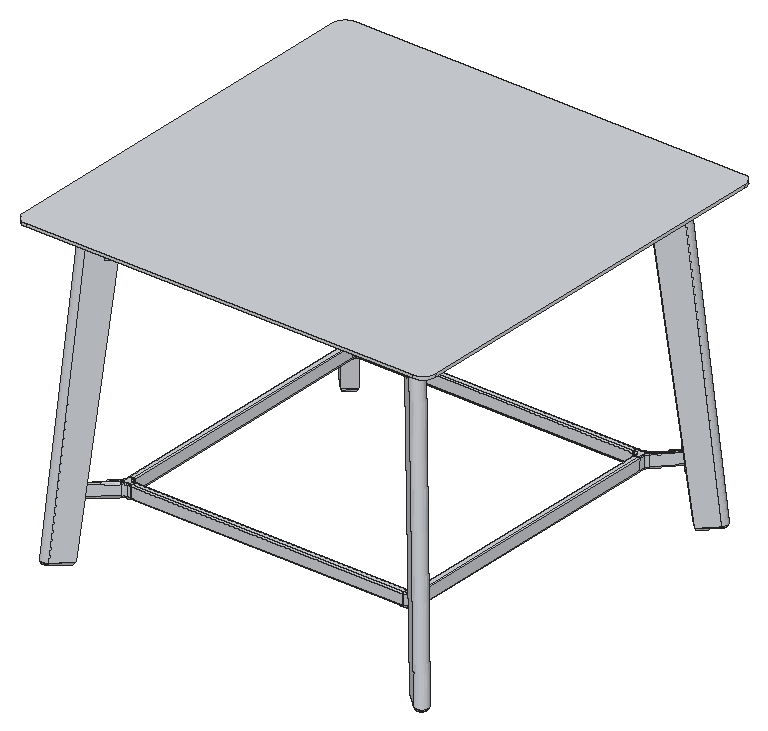
Revit family "_Keilhauer_Aula_Table", category Furniture, Revit 2014
Parameters
  Width = 48.000"
  Type = 1
  Length 7 = if(Type = 1, Length 2 / 2 - 0.880", Length 2 / 2 - 1.210")  # 15.870"
  Length 6 = if(Type = 1, 0.000", 0.330")  # 0.000"
  Length 5 = if(Type = 1, Length 1 / 2 - 0.880", Length 1 / 2 - 1.210")  # 15.870"
  Length 4 = if(Type = 1, 36.000", 42.000")  # 36.000"
  Length 3 = if(Type = 1, 8.000", 12.000")  # 8.000"
  Length 2 = Depth - 14.500"  # 33.500"
  Length 1 = Width - 14.500"  # 33.500"
  Glide [instance] = none
  Legs [instance] = none
  Top [instance] = none
  URL = "http://www.keilhauer.com/"
  Product Documentation Link = "http://www.keilhauer.com/"
  Model = "Type Catalog"
  Manufacturer = "Keilhauer, Corp."  # constant formula
  Support [instance] = none
  Description = "Type Catalog"
  Depth = 48.000"
  Counter = Type = 1  # yes
  Copyright © = "© 2017 Keilhauer, Corp."  # constant formula
  Catalog = "Aula"  # constant formula
  Bar = Type = 2  # no
  Authoring Version = "Autodesk Revit Architecture 2014"  # constant formula
  Assembly Code = "E2020200"
Reference planes (in)
  plane 1 "Center (Front/Back)": y = 0
  plane 2: z = 0
  plane 3 "Center (Left/Right)": x = 0
  plane 4: x = -16.75
  plane 5: y = -16.75
  plane 6: y = 16.75
  plane 7: x = 16.75
  plane 8: z = 8
  plane 9: z = 35
  plane 10: z = 35.687
  plane 11: z = 36
Forms (in)
  Sweep 1, solid, material <- "Support"
    path origin (0, -60, 35) x (0, -1, 0) y (1, 0, 0)
      loop
        line (-75.74698, -15.74961) -> (-44.25302, -15.74961) -> (-44.25302, 15.74961) -> (-75.74698, 15.74961) -> (-75.74698, -15.74961)
    profile origin (0, 15.74698, 35) x (0, 1, 0) y (0, 0, 1)
      loop
        line (0, 0) -> (-1.125, 0) -> (-1.125, -2.75) -> (0, -2.75) -> (0, 0)
  Sweep 2, solid, material <- "Support"
    path origin (0, -60, 8) x (0, -1, 0) y (1, 0, 0)
      loop
        line (-43.25, 15.87) -> (-43.25, -15.87)
    profile origin (0, -16.75, 8) x (0, -1, 0) y (0, 0, 1)
      loop
        arc (-0.26973, 0) -> (-0.35914, -0.03605) -> (-0.39632, -0.125) r 0.12501
        line (-0.39632, -0.125) -> (-0.39632, -1.375)
        arc (-0.39632, -1.375) -> (-0.3597, -1.4634) -> (-0.27131, -1.50001) r 0.12501
        line (-0.27131, -1.50001) -> (0.23885, -1.50001)
        arc (0.23885, -1.50001) -> (0.32405, -1.461) -> (0.35885, -1.374) r 0.12616
        line (0.35885, -1.374) -> (0.35885, -0.12)
        arc (0.35885, -0.12) -> (0.32371, -0.03515) -> (0.23885, 0) r 0.12
        line (0.23885, 0) -> (-0.26973, 0)
  Sweep 3, solid, material <- "Support"
    path origin (0, -60, 8) x (0, 1, 0) y (-1, 0, 0)
      loop
        line (75.87, -16.75) -> (44.13, -16.75)
    profile origin (16.75, 0, 8) x (1, 0, 0) y (0, 0, 1)
      loop
        arc (-0.39479, -1.37) -> (-0.35671, -1.46192) -> (-0.26479, -1.5) r 0.13
        line (-0.26479, -1.5) -> (0.23514, -1.5)
        arc (0.23514, -1.5) -> (0.31999, -1.46485) -> (0.35514, -1.38) r 0.12
        line (0.35514, -1.38) -> (0.35514, -0.12)
        arc (0.35514, -0.12) -> (0.31999, -0.03515) -> (0.23514, 0) r 0.12
        line (0.23514, 0) -> (-0.26479, 0)
        arc (-0.26479, 0) -> (-0.35671, -0.03808) -> (-0.39479, -0.13) r 0.13
        line (-0.39479, -0.13) -> (-0.39479, -1.37)
  Sweep 4, solid, material <- "Support"
    path origin (0, 60, 8) x (0, -1, 0) y (1, 0, 0)
      loop
        line (43.25, 15.87) -> (43.25, -15.87)
    profile origin (0, 16.75, 8) x (0, -1, 0) y (0, 0, 1)
      loop
        line (0.26973, 0) -> (-0.23419, 0)
        arc (-0.23419, 0) -> (-0.31904, -0.03515) -> (-0.35419, -0.12) r 0.12
        line (-0.35419, -0.12) -> (-0.35419, -1.38001)
        arc (-0.35419, -1.38001) -> (-0.31904, -1.46486) -> (-0.23419, -1.50001) r 0.12
        line (-0.23419, -1.50001) -> (0.27131, -1.50001)
        arc (0.27131, -1.50001) -> (0.3597, -1.4634) -> (0.39632, -1.375) r 0.12501
        line (0.39632, -1.375) -> (0.39632, -0.125)
        arc (0.39632, -0.125) -> (0.35914, -0.03605) -> (0.26973, 0) r 0.12501
  Sweep 5, solid, material <- "Support"
    path origin (0, -60, 8) x (0, -1, 0) y (1, 0, 0)
      loop
        line (-75.87, -16.75) -> (-44.13, -16.75)
    profile origin (-16.75, 0, 8) x (1, 0, 0) y (0, 0, 1)
      loop
        line (0.39479, -1.37) -> (0.39479, -0.13)
        arc (0.39479, -0.13) -> (0.35671, -0.03808) -> (0.26479, 0) r 0.13
        line (0.26479, 0) -> (-0.23514, 0)
        arc (-0.23514, 0) -> (-0.31999, -0.03515) -> (-0.35514, -0.12) r 0.12
        line (-0.35514, -0.12) -> (-0.35514, -1.38)
        arc (-0.35514, -1.38) -> (-0.31999, -1.46485) -> (-0.23514, -1.5) r 0.12
        line (-0.23514, -1.5) -> (0.26479, -1.5)
        arc (0.26479, -1.5) -> (0.35671, -1.46192) -> (0.39479, -1.37) r 0.13
  Extrusion 6, solid, material <- "Top"
    sketch origin (-24, -60, 36) x (-1, 0, 0) y (0, -1, 0)
      loop
        arc (-1.5, -84) -> (-0.43934, -83.56066) -> (0, -82.5) r 1.5
        line (0, -82.5) -> (0, -37.5)
        arc (0, -37.5) -> (-0.43934, -36.43934) -> (-1.5, -36) r 1.5
        line (-1.5, -36) -> (-46.5, -36)
        arc (-46.5, -36) -> (-47.56066, -36.43934) -> (-48, -37.5) r 1.5
        line (-48, -37.5) -> (-48, -82.5)
        arc (-48, -82.5) -> (-47.56066, -83.56066) -> (-46.5, -84) r 1.5
        line (-46.5, -84) -> (-1.5, -84)
    from -0.313 to 0
  Blend 7, solid, material <- "Top"
    base sketch origin (0, -60, 35) x (0, -1, 0) y (1, 0, 0)
      loop
        line (-37.47328, -22.52672) -> (-37.47328, 22.52672) -> (-82.52672, 22.52672) -> (-82.52672, -22.52672) -> (-37.47328, -22.52672)
    top sketch origin (0, -60, 35) x (0, -1, 0) y (1, 0, 0)
      loop
        line (-82.5, -24) -> (-37.5, -24)
        arc (-37.5, -24) -> (-36.43934, -23.56066) -> (-36, -22.5) r 1.5
        line (-36, -22.5) -> (-36, 22.5)
        arc (-36, 22.5) -> (-36.43934, 23.56066) -> (-37.5, 24) r 1.5
        line (-37.5, 24) -> (-82.5, 24)
        arc (-82.5, 24) -> (-83.56066, 23.56066) -> (-84, 22.5) r 1.5
        line (-84, 22.5) -> (-84, -22.5)
        arc (-84, -22.5) -> (-83.56066, -23.56066) -> (-82.5, -24) r 1.5
    from 0 to 0.687
Lines and regions (in)
  Masking region 1
    outline origin (0, 0, 0) x (1, 0, 0) y (0, 1, 0)
      loop
        line (-24, 22.5) -> (-24, -22.5)
        arc (-24, -22.5) -> (-23.56066, -23.56066) -> (-22.5, -24) r 1.5
        line (-22.5, -24) -> (22.5, -24)
        arc (22.5, -24) -> (23.56066, -23.56066) -> (24, -22.5) r 1.5
        line (24, -22.5) -> (24, 22.5)
        arc (24, 22.5) -> (23.56066, 23.56066) -> (22.5, 24) r 1.5
        line (22.5, 24) -> (-22.5, 24)
        arc (-22.5, 24) -> (-23.56066, 23.56066) -> (-24, 22.5) r 1.5
Dimensions and locks (in)
  equal spacing: plane 4, plane 3 "Center (Left/Right)", plane 7
  "Length 1": plane 4 to plane 7
  equal spacing: plane 5, plane 1 "Center (Front/Back)", plane 6
  "Length 2": plane 5 to plane 6
  "Length 3": plane 8 to plane 2
  "Length 4": plane 11 to plane 2
  plane 11 to plane 10 to plane 9 = 0.313" locked, 0.687" locked
  locked: Sweep 1 sketch curve to plane 6 at 1.00302
  locked: plane 5 to Sweep 1 sketch curve at 1.00302
  locked: Sweep 1 sketch curve to plane 7 at 1.00039
  locked: plane 4 to Sweep 1 sketch curve at 1.00039
  equal spacing: Sweep 3 sketch curve, plane 1 "Center (Front/Back)", Sweep 3 sketch curve
  "Length 7": plane 1 "Center (Front/Back)" to Sweep 3 sketch curve
  "Length 6": Sweep 3 sketch curve to plane 7
  equal spacing: Sweep 4 sketch curve, plane 3 "Center (Left/Right)", Sweep 4 sketch curve
  "Length 5": plane 3 "Center (Left/Right)" to Sweep 4 sketch curve
  "Length 6": plane 6 to Sweep 4 sketch curve
  equal spacing: Sweep 2 sketch curve, plane 3 "Center (Left/Right)", Sweep 2 sketch curve
  "Length 5": plane 3 "Center (Left/Right)" to Sweep 2 sketch curve
  "Length 6": Sweep 2 sketch curve to plane 5
  equal spacing: Sweep 5 sketch curve, plane 1 "Center (Front/Back)", Sweep 5 sketch curve
  "Length 7": plane 1 "Center (Front/Back)" to Sweep 5 sketch curve
  "Length 6": plane 4 to Sweep 5 sketch curve
  locked: Extrusion 6 sketch curve to plane 4 at 5.75  (x2)
  locked: Extrusion 6 sketch curve to plane 6 at 5.75  (x2)
  locked: plane 7 to Extrusion 6 sketch curve at 5.75  (x2)
  locked: Extrusion 6 sketch curve to plane 5 at 5.75  (x2)
  locked: Blend 7 sketch curve to plane 4 at 5.77672
  locked: plane 6 to Blend 7 sketch curve at 5.77672
  locked: plane 7 to Blend 7 sketch curve at 5.77672
  locked: plane 5 to Blend 7 sketch curve at 5.77672
  locked: Blend 7 sketch curve to plane 4 at 5.75  (x2)
  locked: plane 7 to Blend 7 sketch curve at 5.75  (x2)
  locked: Blend 7 sketch curve to plane 6 at 5.75  (x2)
  locked: Blend 7 sketch curve to plane 5 at 5.75  (x2)
  aligned and locked: nested 1 to plane 3 "Center (Left/Right)"
  aligned and locked: plane 1 "Center (Front/Back)" to nested 1
  aligned and locked: Sweep 1 sketch curve to profile plane
  aligned and locked: Sweep 2 sketch curve to profile plane
  aligned and locked: nested 2 to Sweep 1  (x2)
  aligned and locked: Sweep 1 to nested 3
  aligned and locked: nested 3 to Sweep 1
  aligned and locked: nested 4 to Sweep 1
  aligned and locked: Sweep 1 to nested 4
  aligned and locked: Sweep 4 sketch curve to profile plane
  aligned and locked: nested 5 to Sweep 1  (x2)
  aligned and locked: plane 9 to Blend 7
  aligned and locked: Blend 7 to plane 10
  aligned and locked: Masking region 1 sketch curve to Extrusion 6  (x4)
Automatic sketch dimensions
  Sweep 1 sketch curve to profile plane = 0.000"
  profile plane to Sweep 1 sketch curve = 1.125"
  plane 9 to Sweep 1 sketch curve = 2.750"
  profile plane to Sweep 2 sketch curve = 0.39632"
  Sweep 2 sketch curve to Sweep 2 sketch curve = 0.12501"  (x2)
  plane 8 to Sweep 2 sketch curve = 0.125"
  Sweep 2 sketch curve to profile plane = 0.23269"
  Sweep 2 sketch curve to profile plane = 0.23885"
  Sweep 2 sketch curve to Sweep 2 sketch curve = 0.00616"
  Sweep 2 sketch curve to Sweep 2 sketch curve = 0.120"
  Sweep 2 sketch curve to Sweep 2 sketch curve = 1.254"
  Sweep 3 sketch curve to plane 8 = 0.000"
  profile plane to Sweep 3 sketch curve = 0.39479"
  Sweep 3 sketch curve to Sweep 3 sketch curve = 0.130"  (x2)
  Sweep 3 sketch curve to profile plane = 0.23514"  (x2)
  Sweep 3 sketch curve to Sweep 3 sketch curve = 0.120"
  Sweep 3 sketch curve to Sweep 3 sketch curve = 1.240"
  profile plane to Sweep 4 sketch curve = 0.35419"
  Sweep 4 sketch curve to Sweep 4 sketch curve = 0.120"  (x2)
  Sweep 4 sketch curve to profile plane = 0.26973"
  Sweep 4 sketch curve to profile plane = 0.27131"
  Sweep 4 sketch curve to Sweep 4 sketch curve = 0.00157"
  plane 8 to Sweep 4 sketch curve = 0.125"
  Sweep 4 sketch curve to Sweep 4 sketch curve = 1.250"
  Sweep 5 sketch curve to plane 8 = 0.000"
  profile plane to Sweep 5 sketch curve = 0.35514"
  Sweep 5 sketch curve to Sweep 5 sketch curve = 0.120"  (x2)
  Sweep 5 sketch curve to profile plane = 0.26479"  (x2)
  plane 8 to Sweep 5 sketch curve = 0.130"
  Sweep 5 sketch curve to Sweep 5 sketch curve = 1.240"
  Extrusion 6 sketch curve to Extrusion 6 sketch curve = 1.500"
  Blend 7 sketch curve to Blend 7 sketch curve = 1.500"
Nested families (in)
  nested 1: "Furniture_Tag_Integra" at (0, 0, 0), type "Center", detail levels fine
    with Offset (LR) 0.000"
  nested 2: "Keilhauer - NstdCmp - Leg-Aula" at (-14.62461, -14.62198, 0), Support <- "Support", Legs <- "Legs", Glide <- "Glide", Type <- "Type", type "Keilhauer - NstdCmp - Leg-Aula"
    with Type 1, Tall no, Support none, Low yes, Legs none, Glide none
  nested 3: "Keilhauer - NstdCmp - Leg-Aula" at (14.62461, -14.62198, 0) x (-1, 0, 0) z (0, 0, 1), Support <- "Support", Legs <- "Legs", Glide <- "Glide", Type <- "Type", type "Keilhauer - NstdCmp - Leg-Aula"
    with Type 1, Tall no, Support none, Low yes, Legs none, Glide none
  nested 4: "Keilhauer - NstdCmp - Leg-Aula" at (-14.62461, 14.62198, 0), Support <- "Support", Legs <- "Legs", Glide <- "Glide", Type <- "Type", type "Keilhauer - NstdCmp - Leg-Aula"
    with Type 1, Tall no, Support none, Low yes, Legs none, Glide none
  nested 5: "Keilhauer - NstdCmp - Leg-Aula" at (14.62461, 14.62198, 0) x (-1, 0, 0) z (0, 0, 1), Support <- "Support", Legs <- "Legs", Glide <- "Glide", Type <- "Type", type "Keilhauer - NstdCmp - Leg-Aula"
    with Type 1, Tall no, Support none, Low yes, Legs none, Glide none
Definition of nested family "Keilhauer - NstdCmp - Leg-Aula"
  Parameters (values of type "Keilhauer - NstdCmp - Leg-Aula")
    Type [instance] = 1
    Tall [instance] = Type = 2  # no
    Low [instance] = Type = 1  # yes
    Glide [instance] = none
    Legs [instance] = none
    URL = "http://www.keilhauer.com/"
    Product Documentation Link = "http://www.keilhauer.com/"
    Model = "Type Catalog"
    Manufacturer = "Keilhauer, Corp."  # constant formula
    Support [instance] = none
    Description = "Type Catalog"
    Copyright © = "© 2017 Keilhauer, Corp."  # constant formula
    Catalog = "Aula"  # constant formula
    Authoring Version = "Autodesk Revit Architecture 2014"  # constant formula
    Assembly Code = "E2020200"
  Reference planes (in)
    plane 1 "Center (Front/Back)": y = 0
    plane 2: z = 0
    plane 3 "Center (Left/Right)": x = 0
    plane 4: z = 0.313
    plane 5: z = 41.001
    plane 6: z = 12.001
    plane 7: z = 10.501
    plane 8: z = 40.811
    plane 9: z = 8.001
    plane 10: z = 6.501
  Forms (in)
    Blend 1, solid, material <- "Legs", visible <- "Tall"
      base sketch origin (-7.91249, -60, 0.313) x (-1, 0, 0) y (0, -1, 0)
        loop
          line (-1.88843, -55.14283) -> (-0.20175, -53.34997)
          arc (-0.20175, -53.34997) -> (-0.21766, -52.30575) -> (-1.26188, -52.28976) r 0.75
          line (-1.26188, -52.28976) -> (-3.05487, -53.97631) -> (-1.88843, -55.14283)
      top sketch origin (-7.91249, -60, 0.313) x (-1, 0, 0) y (0, -1, 0)
        loop
          line (-5.34152, -58.62357) -> (-3.21182, -56.35981)
          arc (-3.21182, -56.35981) -> (-3.22773, -55.31559) -> (-4.27195, -55.29961) r 0.75
          line (-4.27195, -55.29961) -> (-6.53587, -57.42913) -> (-5.34152, -58.62357)
      from 0 to 40.5
    Sweep 2, solid, material <- "Glide"
      path origin (-7.91249, -60, 0.313) x (-1, 0, 0) y (0, -1, 0)
        loop
          arc (-0.27043, -53.28526) -> (-0.28442, -52.37157) -> (-1.19811, -52.35765) r 0.65625
          line (-1.19811, -52.35765) -> (-2.92057, -53.9781) -> (-1.89075, -55.00784) -> (-0.27043, -53.28526)
      profile origin (-6.8319, -5.85345, 0.313) x (-0.728397, 0.685156, 0) y (0, 0, 1)
        loop
          line (0, 0) -> (-0.21462, 0) -> (-0.21462, -0.313) -> (-0.12459, -0.313)
          arc (-0.12459, -0.313) -> (-0.03649, -0.27651) -> (0, -0.18841) r 0.12459
          line (0, -0.18841) -> (0, 0)
    Extrusion 3, solid, material <- "Support", visible <- "Tall"
      sketch origin (0, -60, 41.001) x (0, -1, 0) y (-1, 0, 0)
        loop
          arc (-56.18587, 6.61559) -> (-56.48721, 6.72303) -> (-56.76108, 6.55767) r 0.37328
          line (-56.76108, 6.55767) -> (-60.66294, 0.66289) -> (-59.33706, -0.66289) -> (-53.44398, 3.23849)
          arc (-53.44398, 3.23849) -> (-53.27802, 3.51337) -> (-53.38588, 3.81581) r 0.37465
          line (-53.38588, 3.81581) -> (-56.18587, 6.61559)
      from 0 to 0.19
    Extrusion 4, void
      sketch origin (0.65771, -0.66588, 40.813) x (0, 0, -1) y (0.728397, 0.685156, 0)
        loop
          line (3.36349, -3.10775) -> (0, -2.70037) -> (0, -4.42044) -> (2.96168, -4.42044)
          arc (2.96168, -4.42044) -> (3.1257, -4.35912) -> (3.20925, -4.20523) r 0.25
          line (3.20925, -4.20523) -> (3.36349, -3.10775)
      from 0.07873 to -0.188
    Extrusion 5, void
      sketch origin (-0.66588, 0.65771, 40.813) x (0, 0, -1) y (-0.685156, -0.728397, 0)
        loop
          line (3.36349, 3.10775) -> (3.20925, 4.20523)
          arc (3.20925, 4.20523) -> (3.1257, 4.35912) -> (2.96168, 4.42044) r 0.25
          line (2.96168, 4.42044) -> (0, 4.42044) -> (0, 2.70037) -> (3.36349, 3.10775)
      from 0.07873 to -0.18817
    Extrusion 6, solid, material <- "Support", visible <- "Tall"
      sketch origin (0.65771, -0.66588, 40.813) x (0, 0, -1) y (0.728397, 0.685156, 0)
        loop
          line (2.5625, 0) -> (0.002, 0) -> (0.002, -4.42044) -> (2.96168, -4.42044)
          arc (2.96168, -4.42044) -> (3.1257, -4.35912) -> (3.20925, -4.20523) r 0.25
          line (3.20925, -4.20523) -> (3.35277, -3.18406) -> (2.5625, 0)
      from 0 to -0.188
    Extrusion 7, solid, material <- "Support", visible <- "Tall"
      sketch origin (-0.66588, 0.65771, 40.813) x (0, 0, -1) y (-0.685156, -0.728397, 0)
        loop
          line (2.5625, 0) -> (3.35277, 3.18406) -> (3.20925, 4.20523)
          arc (3.20925, 4.20523) -> (3.1257, 4.35912) -> (2.96168, 4.42044) r 0.25
          line (2.96168, 4.42044) -> (0.002, 4.42044) -> (0.002, 0) -> (2.5625, 0)
      from 0 to -0.188
    Extrusion 8, solid, material <- "Support", visible <- "Tall"
      sketch origin (-0.9184, -60, 12.001) x (0, -1, 0) y (-1, 0, 0)
        loop
          line (-58.46808, 0.00002) -> (-57.96808, 0.00001) -> (-57.97666, 0.49143)
          arc (-57.97666, 0.49143) -> (-57.91953, 0.81999) -> (-57.74483, 1.10406) r 0.8847
          line (-57.74483, 1.10406) -> (-55.23902, 3.84292) -> (-57.97755, 1.33724)
          arc (-57.97755, 1.33724) -> (-58.25968, 1.16334) -> (-58.58602, 1.10563) r 0.88356
          line (-58.58602, 1.10563) -> (-59.08163, 1.11237) -> (-59.08169, 0.61241) -> (-58.84274, 0.61241)
          arc (-58.84274, 0.61241) -> (-58.57782, 0.50268) -> (-58.46808, 0.23776) r 0.37466
          line (-58.46808, 0.23776) -> (-58.46808, 0.00002)
      from 0 to 1.5
    Sweep 9, solid, material <- "Support", visible <- "Tall"
      path in 3D
        loop
          line (-4.76132, -4.76098, 12.001) -> (-2.02246, -2.25517, 12.001)
          arc (-2.02246, -2.25517, 12.001) -> (-1.73839, -2.08047, 12.001) -> (-1.40983, -2.02334, 12.001) r 0.8847
          line (-1.40983, -2.02334, 12.001) -> (-0.91841, -2.03192, 12.001)
      profile origin (-1.16412, -2.02763, 12.001) x (0.017452, 0.999848, 0) y (0, 0, 1)
        loop
          arc (0, 0) -> (-0.08838, -0.03662) -> (-0.12498, -0.125) r 0.125
          line (-0.12498, -0.125) -> (-0.12498, -1.375)
          arc (-0.12498, -1.375) -> (-0.08838, -1.46338) -> (0, -1.5) r 0.125
          line (0, -1.5) -> (0, 0)
    Sweep 10, solid, material <- "Support", visible <- "Tall"
      path in 3D
        loop
          line (-2.03077, -0.91837, 12.001) -> (-2.02403, -1.41398, 12.001)
          arc (-2.02403, -1.41398, 12.001) -> (-2.08174, -1.74032, 12.001) -> (-2.25564, -2.02245, 12.001) r 0.88356
          line (-2.25564, -2.02245, 12.001) -> (-4.76132, -4.76098, 12.001)
      profile origin (-2.0274, -1.16617, 12.001) x (0.999907, 0.013612, 0) y (0, 0, 1)
        loop
          arc (0, 0) -> (-0.08841, -0.03663) -> (-0.12503, -0.12504) r 0.12504
          line (-0.12503, -0.12504) -> (-0.12503, -1.37494)
          arc (-0.12503, -1.37494) -> (-0.08841, -1.46336) -> (0, -1.5) r 0.12505
          line (0, -1.5) -> (0, 0)
    Sweep 11, solid, material <- "Support", visible <- "Tall"
      path in 3D
        loop
          line (-0.91842, -1.53192, 12.001) -> (-1.15616, -1.53192, 12.001)
          arc (-1.15616, -1.53192, 12.001) -> (-1.42108, -1.42218, 12.001) -> (-1.53081, -1.15726, 12.001) r 0.37466
          line (-1.53081, -1.15726, 12.001) -> (-1.53081, -0.91831, 12.001)
      profile origin (-1.53081, -1.03778, 12.001) x (-1, 0, 0) y (0, 0, 1)
        loop
          arc (0, 0) -> (-0.08839, -0.03661) -> (-0.125, -0.125) r 0.125
          line (-0.125, -0.125) -> (-0.125, -1.375)
          arc (-0.125, -1.375) -> (-0.08839, -1.46339) -> (0, -1.5) r 0.125
          line (0, -1.5) -> (0, 0)
    Extrusion 12, solid, material <- "Support", visible <- "Tall"
      sketch origin (-5.44084, -5.44043, 0.313) x (-0.70708, 0.707133, 0) y (0.084986, 0.084979, 0.992752)
        loop
          arc (-0.375, 9.88973) -> (0, 9.51473) -> (0.375, 9.88973) r 0.375
          line (0.375, 9.88973) -> (0.375, 12.13915)
          arc (0.375, 12.13915) -> (0, 12.51415) -> (-0.375, 12.13915) r 0.375
          line (-0.375, 12.13915) -> (-0.375, 9.88973)
      from 0.13903 to -0.03792
    Extrusion 13, solid, material <- "Glide"
      sketch origin (0, 0, 0) x (1, 0, 0) y (0, 1, 0)
        loop
          line (-6.86144, -7.48603) -> (-5.30014, -6.0172) -> (-6.01702, -5.30038) -> (-7.48573, -6.86178)
          arc (-7.48573, -6.86178) -> (-7.47632, -7.47666) -> (-6.86144, -7.48603) r 0.44163
      from 0 to 0.313
    Blend 14, solid, material <- "Legs", visible <- "Low"
      base sketch origin (-7.91249, -60, 0.313) x (-1, 0, 0) y (0, -1, 0)
        loop
          line (-1.88843, -55.14283) -> (-0.20175, -53.34997)
          arc (-0.20175, -53.34997) -> (-0.21766, -52.30575) -> (-1.26188, -52.28976) r 0.75
          line (-1.26188, -52.28976) -> (-3.05487, -53.97631) -> (-1.88843, -55.14283)
      top sketch origin (-7.91249, -60, 0.313) x (-1, 0, 0) y (0, -1, 0)
        loop
          line (-4.91631, -58.1716) -> (-2.76641, -55.91331)
          arc (-2.76641, -55.91331) -> (-2.77911, -54.86581) -> (-3.82661, -54.85318) r 0.74987
          line (-3.82661, -54.85318) -> (-6.08387, -57.00396) -> (-4.91631, -58.1716)
      from 0 to 34.5
    Extrusion 15, solid, material <- "Support", visible <- "Low"
      sketch origin (0, -60, 41.001) x (0, -1, 0) y (-1, 0, 0)
        loop
          arc (-55.73816, 7.05972) -> (-56.04089, 7.16766) -> (-56.31602, 7.00153) r 0.375
          line (-56.31602, 7.00153) -> (-60.21672, 1.1085) -> (-58.89084, -0.21727) -> (-52.99811, 3.68387)
          arc (-52.99811, 3.68387) -> (-52.832, 3.95901) -> (-52.93996, 4.26173) r 0.375
          line (-52.93996, 4.26173) -> (-55.73816, 7.05972)
      from 6 to 6.188
    Extrusion 16, solid, material <- "Support", visible <- "Low"
      sketch origin (0.65771, -0.66588, 40.813) x (0, 0, -1) y (0.728397, 0.685156, 0)
        loop
          line (8.5625, -0.63032) -> (6, -0.63032) -> (6, -4.99032) -> (9.01446, -4.99032)
          arc (9.01446, -4.99032) -> (9.14506, -4.94149) -> (9.21158, -4.81896) r 0.19906
          line (9.21158, -4.81896) -> (9.35277, -3.81437) -> (8.5625, -0.63032)
      from 0.018 to -0.172
    Extrusion 17, solid, material <- "Support", visible <- "Low"
      sketch origin (-0.66588, 0.65771, 40.813) x (0, 0, -1) y (-0.685156, -0.728397, 0)
        loop
          line (8.5625, 0.63032) -> (9.35277, 3.81437) -> (9.21158, 4.81896)
          arc (9.21158, 4.81896) -> (9.14506, 4.94149) -> (9.01446, 4.99032) r 0.19906
          line (9.01446, 4.99032) -> (6, 4.99032) -> (6, 0.63032) -> (8.5625, 0.63032)
      from 0.02307 to -0.16693
    Extrusion 18, solid, material <- "Support", visible <- "Low"
      sketch origin (-5.44084, -5.44043, 0.313) x (-0.70708, 0.707133, 0) y (0.084986, 0.084979, 0.992752)
        loop
          arc (0.37455, 8.11517) -> (-0.00045, 8.49017) -> (-0.37545, 8.11517) r 0.375
          line (-0.37545, 8.11517) -> (-0.37545, 5.86535)
          arc (-0.37545, 5.86535) -> (-0.00045, 5.49035) -> (0.37455, 5.86535) r 0.375
          line (0.37455, 5.86535) -> (0.37455, 8.11517)
      from 0.13903 to -0.00254
    Extrusion 19, solid, material <- "Support", visible <- "Low"
      sketch origin (-1.24478, -60.32638, 8.001) x (0, -1, 0) y (-1, 0, 0)
        loop
          line (-58.46808, 0.00002) -> (-57.96808, 0.00001) -> (-57.97666, 0.49143)
          arc (-57.97666, 0.49143) -> (-57.91953, 0.81999) -> (-57.74483, 1.10406) r 0.8847
          line (-57.74483, 1.10406) -> (-55.23902, 3.84292) -> (-57.97755, 1.33724)
          arc (-57.97755, 1.33724) -> (-58.25968, 1.16334) -> (-58.58602, 1.10563) r 0.88356
          line (-58.58602, 1.10563) -> (-59.08163, 1.11237) -> (-59.08169, 0.61241) -> (-58.84274, 0.61241)
          arc (-58.84274, 0.61241) -> (-58.57782, 0.50268) -> (-58.46808, 0.23776) r 0.37466
          line (-58.46808, 0.23776) -> (-58.46808, 0.00002)
      from 0 to 1.5
    Sweep 20, solid, material <- "Support", visible <- "Low"
      path in 3D
        loop
          line (-5.0877, -5.08736, 8.001) -> (-2.34884, -2.58155, 8.001)
          arc (-2.34884, -2.58155, 8.001) -> (-2.06477, -2.40685, 8.001) -> (-1.73621, -2.34972, 8.001) r 0.8847
          line (-1.73621, -2.34972, 8.001) -> (-1.24478, -2.35829, 8.001)
      profile origin (-1.49049, -2.354, 8.001) x (0.017452, 0.999848, 0) y (0, 0, 1)
        loop
          arc (0, 0) -> (-0.0877, -0.03699) -> (-0.12394, -0.125) r 0.125
          line (-0.12394, -0.125) -> (-0.12394, -1.375)
          arc (-0.12394, -1.375) -> (-0.0877, -1.46301) -> (0, -1.5) r 0.125
          line (0, -1.5) -> (0, 0)
    Sweep 21, solid, material <- "Support", visible <- "Low"
      path in 3D
        loop
          line (-1.2448, -1.85829, 8.001) -> (-1.48253, -1.85829, 8.001)
          arc (-1.48253, -1.85829, 8.001) -> (-1.74746, -1.74856, 8.001) -> (-1.85719, -1.48364, 8.001) r 0.37466
          line (-1.85719, -1.48364, 8.001) -> (-1.85719, -1.24468, 8.001)
      profile origin (-1.85719, -1.36416, 8.001) x (-1, 0, 0) y (0, 0, 1)
        loop
          arc (0, 0) -> (-0.08941, -0.03605) -> (-0.12658, -0.125) r 0.12501
          line (-0.12658, -0.125) -> (-0.12658, -1.375)
          arc (-0.12658, -1.375) -> (-0.08941, -1.46395) -> (0, -1.5) r 0.12501
          line (0, -1.5) -> (0, 0)
    Sweep 22, solid, material <- "Support", visible <- "Low"
      path in 3D
        loop
          line (-2.35715, -1.24474, 8.001) -> (-2.3504, -1.74035, 8.001)
          arc (-2.3504, -1.74035, 8.001) -> (-2.40812, -2.0667, 8.001) -> (-2.58201, -2.34883, 8.001) r 0.88356
          line (-2.58201, -2.34883, 8.001) -> (-5.0877, -5.08736, 8.001)
      profile origin (-2.35378, -1.49255, 8.001) x (0.999907, 0.013612, 0) y (0, 0, 1)
        loop
          arc (0, 0) -> (-0.08735, -0.03718) -> (-0.12339, -0.125) r 0.12501
          line (-0.12339, -0.125) -> (-0.12339, -1.375)
          arc (-0.12339, -1.375) -> (-0.08735, -1.46282) -> (0, -1.5) r 0.12501
          line (0, -1.5) -> (0, 0)
    Extrusion 23, void
      sketch origin (-0.68268, 0.67352, 40.813) x (0, 0, 1) y (-0.685156, -0.728397, 0)
        loop
          line (-6, 4.99032) -> (-9.01446, 4.99032)
          arc (-9.01446, 4.99032) -> (-9.14506, 4.94149) -> (-9.21158, 4.81896) r 0.19906
          line (-9.21158, 4.81896) -> (-9.36095, 3.75617) -> (-6, 3.33914) -> (-6, 4.99032)
      from -0.11898 to 0.19
    Extrusion 24, solid, material <- "Support", visible <- "Low"
      sketch origin (-0.66745, 0.65928, 40.813) x (0, 0, -1) y (-0.685156, -0.728397, 0)
        loop
          line (8.5625, 0.63032) -> (9.35277, 3.81437) -> (9.21158, 4.81896)
          arc (9.21158, 4.81896) -> (9.14506, 4.94149) -> (9.01446, 4.99032) r 0.19906
          line (9.01446, 4.99032) -> (6, 4.99032) -> (6, 0.63032) -> (8.5625, 0.63032)
      from 0.018 to -0.172
    Extrusion 25, void
      sketch origin (0.67194, -0.68111, 40.813) x (0, 0, 1) y (0.728397, 0.685156, 0)
        loop
          line (-6, -4.99032) -> (-6, -3.33914) -> (-9.36095, -3.75617) -> (-9.21158, -4.81896)
          arc (-9.21158, -4.81896) -> (-9.14506, -4.94149) -> (-9.01446, -4.99032) r 0.19906
          line (-9.01446, -4.99032) -> (-6, -4.99032)
      from -0.11898 to 0.19
  Cuts and joins
    Extrusion 4, Extrusion 5 cuts Blend 1
    Extrusion 5 cuts Extrusion 3
    Extrusion 23, Extrusion 25 cuts Extrusion 15
    Extrusion 23, Extrusion 25 cuts Blend 14
    Extrusion 25 cuts Extrusion 17
    Extrusion 25 cuts Extrusion 24
  Lines and regions (in)
    sketch lines
      curve 1: line (-1.40983, -2.02334, 12.001) -> (-0.91841, -2.03192, 12.001)
      curve 2: line (-4.76132, -4.76098, 12.001) -> (-2.02246, -2.25517, 12.001)
      curve 3: arc (-1.40983, -2.02334, 12.001) -> (-1.73839, -2.08047, 12.001) -> (-2.02246, -2.25517, 12.001) r 0.8847
      curve 4: line (-2.03077, -0.91837, 12.001) -> (-2.02403, -1.41398, 12.001)
      curve 5: arc (-2.25564, -2.02245, 12.001) -> (-2.08174, -1.74032, 12.001) -> (-2.02403, -1.41398, 12.001) r 0.88356
      curve 6: line (-2.25564, -2.02245, 12.001) -> (-4.76132, -4.76098, 12.001)
      curve 7: line (-1.53081, -1.15726, 12.001) -> (-1.53081, -0.91831, 12.001)
      curve 8: line (-0.91842, -1.53192, 12.001) -> (-1.15616, -1.53192, 12.001)
      curve 9: arc (-1.53081, -1.15726, 12.001) -> (-1.42108, -1.42218, 12.001) -> (-1.15616, -1.53192, 12.001) r 0.37466
      curve 10: line (-1.73621, -2.34972, 8.001) -> (-1.24478, -2.35829, 8.001)
      curve 11: line (-5.0877, -5.08736, 8.001) -> (-2.34884, -2.58155, 8.001)
      curve 12: arc (-1.73621, -2.34972, 8.001) -> (-2.06477, -2.40685, 8.001) -> (-2.34884, -2.58155, 8.001) r 0.8847
      curve 13: line (-1.85719, -1.48364, 8.001) -> (-1.85719, -1.24468, 8.001)
      curve 14: line (-1.2448, -1.85829, 8.001) -> (-1.48253, -1.85829, 8.001)
      curve 15: arc (-1.85719, -1.48364, 8.001) -> (-1.74746, -1.74856, 8.001) -> (-1.48253, -1.85829, 8.001) r 0.37466
      curve 16: line (-2.35715, -1.24474, 8.001) -> (-2.3504, -1.74035, 8.001)
      curve 17: line (-2.58201, -2.34883, 8.001) -> (-5.0877, -5.08736, 8.001)
      curve 18: arc (-2.58201, -2.34883, 8.001) -> (-2.40812, -2.0667, 8.001) -> (-2.3504, -1.74035, 8.001) r 0.88356
    symbolic lines, style "FurnitureHiddenLines", visible <- "Tall", detail levels medium+fine
      curve 19: line (-7.71074, -6.65003, 12.001) -> (-5.79924, -4.63054, 12.001)
      curve 20: line (-4.625, -5.80487, 12.001) -> (-6.65061, -7.71024, 12.001)
      curve 21: arc (-6.65061, -7.71024, 12.001) -> (-7.69483, -7.69425, 12.001) -> (-7.71074, -6.65003, 12.001) r 0.75
      curve 22: line (-3.81581, -6.61412, 12.001) -> (-6.61559, -3.81413, 12.001)
      curve 23: arc (-6.61559, -3.81413, 12.001) -> (-6.72303, -3.51279, 12.001) -> (-6.55767, -3.23892, 12.001) r 0.37328
      curve 24: line (-6.55767, -3.23892, 12.001) -> (-0.66289, 0.66294, 12.001)
      curve 25: arc (-3.23849, -6.55602, 12.001) -> (-3.51337, -6.72198, 12.001) -> (-3.81581, -6.61412, 12.001) r 0.37465
      curve 26: line (0.66289, -0.66294, 12.001) -> (-3.23849, -6.55602, 12.001)
      curve 27: line (-0.66289, 0.66294, 12.001) -> (0.66289, -0.66294, 12.001)
    symbolic lines, style "FurnitureHiddenLines", visible <- "Low", detail levels medium+fine
      curve 28: line (-4.26173, -7.06004, 12.001) -> (-7.05972, -4.26184, 12.001)
      curve 29: arc (-7.05972, -4.26184, 12.001) -> (-7.16766, -3.95911, 12.001) -> (-7.00153, -3.68398, 12.001) r 0.375
      curve 30: arc (-3.68387, -7.00189, 12.001) -> (-3.95901, -7.168, 12.001) -> (-4.26173, -7.06004, 12.001) r 0.375
      curve 31: line (0.21727, -1.10916, 12.001) -> (-3.68387, -7.00189, 12.001)
      curve 32: line (-7.00153, -3.68398, 12.001) -> (-1.1085, 0.21672, 12.001)
      curve 33: line (-1.1085, 0.21672, 12.001) -> (0.21727, -1.10916, 12.001)
      curve 34: line (-7.71074, -6.65003, 12.001) -> (-6.23753, -5.08409, 12.001)
      curve 35: line (-5.08456, -6.23715, 12.001) -> (-6.65061, -7.71024, 12.001)
      curve 36: arc (-6.65061, -7.71024, 12.001) -> (-7.69483, -7.69425, 12.001) -> (-7.71074, -6.65003, 12.001) r 0.75
    symbolic lines, style "FurnitureHiddenLines", visible <- "Tall"
      curve 37: line (-0.91841, -2.03192, 0) -> (-0.91842, -1.53192, 0)
      curve 40: line (-1.53081, -0.91831, 0) -> (-2.03077, -0.91837, 0)
    symbolic lines, style "FurnitureHiddenLines", visible <- "Low"
      curve 38: line (-1.24478, -2.35829, 0) -> (-1.2448, -1.85829, 0)
      curve 39: line (-1.85719, -1.24468, 0) -> (-2.35715, -1.24474, 0)
  Dimensions and locks (in)
    aligned and locked: Extrusion 13 sketch curve to Sweep 2  (x4)
    aligned and locked: Sweep 2 to Extrusion 13  (x2)
    aligned and locked: plane 8 to cut or joined group of Extrusion 3, Extrusion 5
    aligned and locked: cut or joined group of Extrusion 3, Extrusion 5 to plane 5
    aligned and locked: Extrusion 4 to Blend 1
    aligned and locked: Extrusion 6 to plane 8
    aligned and locked: Extrusion 7 to plane 8
    aligned and locked: curve 20 to cut or joined group of Blend 14, Extrusion 23, Extrusion 25
    aligned and locked: curve 22 to cut or joined group of Extrusion 3, Extrusion 5
    aligned and locked: curve 23 to cut or joined group of Extrusion 3, Extrusion 5
    aligned and locked: curve 24 to cut or joined group of Extrusion 3, Extrusion 5
    aligned and locked: curve 25 to cut or joined group of Extrusion 3, Extrusion 5
    aligned and locked: curve 26 to cut or joined group of Extrusion 3, Extrusion 5
    aligned and locked: curve 27 to cut or joined group of Extrusion 3, Extrusion 5
    aligned and locked: curve 28 to cut or joined group of Extrusion 15, Extrusion 23, Extrusion 25
    aligned and locked: curve 29 to cut or joined group of Extrusion 15, Extrusion 23, Extrusion 25
    aligned and locked: curve 30 to cut or joined group of Extrusion 15, Extrusion 23, Extrusion 25
    aligned and locked: curve 31 to cut or joined group of Extrusion 15, Extrusion 23, Extrusion 25
    aligned and locked: curve 32 to cut or joined group of Extrusion 15, Extrusion 23, Extrusion 25
    aligned and locked: curve 33 to cut or joined group of Extrusion 15, Extrusion 23, Extrusion 25
    aligned and locked: curve 34 to cut or joined group of Blend 14, Extrusion 23, Extrusion 25
    aligned and locked: cut or joined group of Blend 14, Extrusion 23, Extrusion 25 to curve 35
    aligned and locked: curve 36 to cut or joined group of Blend 14, Extrusion 23, Extrusion 25
    aligned and locked: curve 37 to Extrusion 8
    aligned and locked: curve 38 to Extrusion 19
    aligned and locked: curve 39 to Extrusion 19
    aligned and locked: curve 40 to Extrusion 8
Definition of nested family "Furniture_Tag_Integra"
  Parameters (values of type "Center")
    P_Width = 0.000"
    Text_Width = "Empty"
    Text_Height = "Empty"
    Text_Diameter = "Empty"
    Text_Depth = "Empty"
    Offset (LR) [instance] = 0.000"
    Model Name = "Empty"
    P_Height = 0.000"
    Distance of Center (not Change) = 0.000"
    P_Diameter = 0.000"
    P_Depth = 0.000"
  Types (2): name | Distance of Center (not Change)
    Center | 0.000"
    Offset | 0.09843"
  Reference planes (in)
    plane 1: y = 0
    plane 2: x = 0
  Lines and regions (in)
    reference lines
      curve 1: line (-0.44359, 0, 0) -> (0.41085, 0, 0)
      curve 3: line (0, 0.32564, 0) -> (0, -0.40221, 0)
    reference lines, not visible
      curve 2: line (-0.44359, 0.09843, 0) -> (0.41085, 0.09843, 0)
      curve 4: line (0, 0.42407, 0) -> (0, -0.30379, 0)
  Text (in)
    label "Empty" at (0.00197, -0.0079, 0), shows "Model Name"
    label "Empty" at (0.00197, 0.09052, 0), shows "Model Name", not visible
  Dimensions and locks (in)
    "Distance of Center (not Change)": plane 1 to curve 1
    "Offset (LR)": curve 3 to plane 2
  Automatic sketch dimensions
    curve 1 to curve 3 = 0.44359"
    curve 3 to curve 1 = 0.41085"
    curve 3 to curve 1 = 0.40221"
    curve 1 to curve 3 = 0.32564"
    curve 2 to curve 4 = 0.44359"
    curve 4 to curve 2 = 0.41085"
    curve 4 to curve 2 = 0.40221"
    curve 2 to curve 4 = 0.32564"
